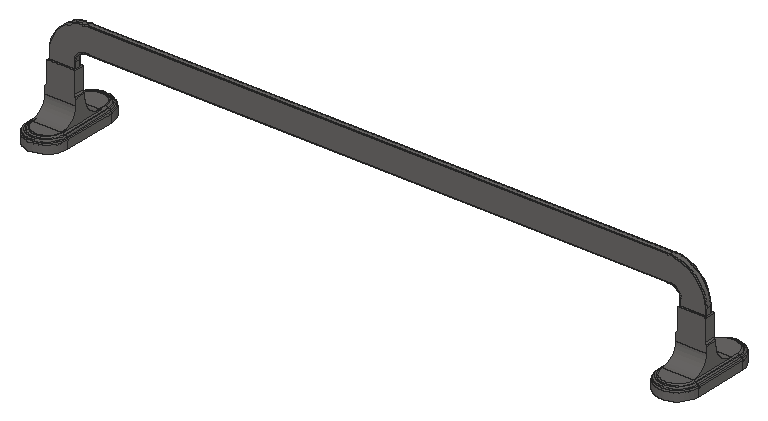
Revit family "Accessory-Towel_Bar-KOHLER-Industrial-K-26534", category Specialty Equipment, host Face, Revit 2021
Family settings
  Host = Face
  Round Connector Dimension = Use Diameter
  Part Type = Normal
  OmniClass Number = 23.31.25.25
  OmniClass Title = Towel Bars
  Cut with Voids When Loaded = No
  Shared = No
  Room Calculation Point = No
Parameters (values of type "2BZ-Oil Rubbed Bronze")
  Width = 3 241/256"  # constant formula
  WaterSense Certified = 1 = 0  # no
  URL = "https://www.us.kohler.com/us/"
  Type = 1
  Product Page URL = "http://www.us.kohler.com/us/catalog/productDetails.jsp?productId=26534"
  Product Name = "Industrial"  # constant formula
  Product Documentation Link = "https://www.us.kohler.com/webassets/kpna/catalog/pdf/en/K-26534_spec_US-CA_Kohler_en.pdf"
  Model = if(Type = 1, "K-26534-2BZ", if(Type = 2, "K-26534-BN", if(Type = 3, "K-26534-CP", "NA")))  # "K-26534-2BZ"
  Material = "Premium Metal Construction"  # constant formula
  Master Format 2014 Name = "Toilet, Bath, and Laundry Accessories"  # constant formula
  Master Format 2014 = "10 28 00"  # constant formula
  Manufacturer Address = "444 Highland Dr, Kohler, WI 53044"  # constant formula
  Manufacturer = "Kohler Co."  # constant formula
  Length = 25.57874"  # constant formula
  Height = 3 85/128"  # constant formula
  Finish = Kohler-Metal-2BZ-Oil_Rubbed_Bronze
  Environmental Product Declaration = ""
  Description = "24Inch towel bar"  # constant formula
  Default Elevation = 42"
  Declare Label = ""
  Date Modified = "01/02/2023"  # constant formula
  Date Created = "01/02/2023"  # constant formula
  Copyright = "Copyright Kohler Co."  # constant formula
  Contact Us = "https://www.us.kohler.com/us/static/contact.jsp"
  Assembly Code = "C1030200"
  ADA Compliant = 1 = 0  # no
Types (4): name | Type | Model | Finish
  (no name) | 1 | "K-26534-2BZ" | Kohler-Metal-2BZ-Oil_Rubbed_Bronze
  2BZ-Oil Rubbed Bronze | 1 | "K-26534-2BZ" | Kohler-Metal-2BZ-Oil_Rubbed_Bronze
  BN-Vibrant Brushed Nickel | 2 | "K-26534-BN" | Kohler-Metal-BN-Vibrant_Brushed_Nickel
  CP-Polished Chrome | 3 | "K-26534-CP" | Kohler-Metal-CP-Polished_Chrome
Reference planes (in)
  plane 1 "Center (Front/Back)": y = 0
  plane 2: z = 0
  plane 3 "Center (Left/Right)": x = 0
  plane 4: x = -12.78937
  plane 5: x = -11.21063
  plane 6: x = 12.78937
  plane 7: y = 0.11811
  plane 8: y = -0.11811
  plane 9: z = 2.95715
  plane 10: z = 3.94141
  plane 11: y = 2.0369
  plane 12: y = -1.62716
  plane 13: x = -12
  plane 14: x = 12
  plane 15: x = 11.21063
Dimensions and locks (in)
  plane 4 to plane 5 = 1.57874"
  plane 7 to plane 8 = 0.23622"
  plane 10 to level = 3 241/256"
  plane 10 to plane 9 = 0.98425"
  "Height": plane 11 to plane 12
  "Width": level to plane 10
  plane 13 to plane 14 = 24"
  "Length": plane 4 to plane 6
  aligned and locked: plane 2 to host face
  aligned and locked: level to host face
  aligned and locked: plane 3 "Center (Left/Right)" to nested 1
  aligned and locked: plane 1 "Center (Front/Back)" to nested 1
Automatic sketch dimensions
  host sketch curve to host sketch curve = 96"  (x2)
Nested families (in)
  nested 1: "K-26534" at (0, 0, 0), type "K-26534"
Definition of nested family "K-26534"
  Parameters (values of type "K-26534")
    Material = none
    Default Elevation = 0"
  Reference planes (in)
    plane 1 "Center (Front/Back)": y = 0
    plane 2: z = 0
    plane 3 "Center (Left/Right)": x = 0
    plane 4: x = -12.78937
    plane 5: x = 12.78937
    plane 6: x = -11.21063
    plane 7: x = 11.21063
    plane 8: y = -0.11811
    plane 9: y = 0.11811
    plane 10: x = -9
    plane 11: x = 9
    plane 12: z = 3.94094
    plane 13: z = 2.95669
    plane 14: y = 2.0369
    plane 15: y = -1.62809
    plane 16: x = -12
    plane 17: x = 12
  Forms (in)
    Sweep 1, solid, material <- "Material", detail levels medium+fine
      path origin (0, 0, 0) x (1, 0, 0) y (0, 1, 0)
        loop
          line (-12.78937, 1.25143) -> (-12.78937, -0.83661)
          arc (-12.78937, -0.83661) -> (-12, -1.62598) -> (-11.21063, -0.83661) r 0.78937
          line (-11.21063, -0.83661) -> (-11.21063, 1.25143)
          arc (-11.21063, 1.25143) -> (-12, 2.0408) -> (-12.78937, 1.25143) r 0.78937
      profile origin (-11.21063, -0.83661, 0) x (-1, 0, 0) y (0, 0, 1)
        loop
          line (0, 0.30674) -> (0, 0) -> (0.24274, 0) -> (0.24274, 0.48854) -> (0.19914, 0.48854)
          arc (0.19914, 0.48854) -> (0.17455, 0.46857) -> (0.15303, 0.44532) r 0.22303
          arc (0.15303, 0.44532) -> (0.12799, 0.42735) -> (0.09727, 0.425) r 0.05716
          arc (0.09727, 0.425) -> (0.06244, 0.41536) -> (0.04943, 0.38165) r 0.04018
          arc (0.04943, 0.38165) -> (0.04434, 0.35985) -> (0.02701, 0.34568) r 0.03477
          arc (0.02701, 0.34568) -> (0.00741, 0.33043) -> (0, 0.30674) r 0.04157
    Sweep 2, solid, material <- "Material", detail levels medium+fine
      path origin (3, 0, 0) x (-1, 0, 0) y (0, -1, 0)
        loop
          arc (-9.78937, -1.25143) -> (-9, -2.0408) -> (-8.21063, -1.25143) r 0.78937
          line (-8.21063, -1.25143) -> (-8.21063, 0.83661)
          arc (-8.21063, 0.83661) -> (-9, 1.62598) -> (-9.78937, 0.83661) r 0.78937
          line (-9.78937, 0.83661) -> (-9.78937, -1.25143)
      profile origin (11.21063, -0.83661, 0) x (-1, 0, 0) y (0, 0, 1)
        loop
          arc (0, 0.30674) -> (-0.00741, 0.33043) -> (-0.02701, 0.34568) r 0.04157
          arc (-0.02701, 0.34568) -> (-0.04434, 0.35985) -> (-0.04943, 0.38165) r 0.03477
          arc (-0.04943, 0.38165) -> (-0.06244, 0.41536) -> (-0.09727, 0.425) r 0.04018
          arc (-0.09727, 0.425) -> (-0.12799, 0.42735) -> (-0.15303, 0.44532) r 0.05716
          arc (-0.15303, 0.44532) -> (-0.17455, 0.46857) -> (-0.19914, 0.48854) r 0.22303
          line (-0.19914, 0.48854) -> (-0.24274, 0.48854) -> (-0.24274, 0) -> (0, 0) -> (0, 0.30674)
    Extrusion 3, solid, material <- "Material", detail levels medium+fine
      sketch origin (0, 0, 0) x (1, 0, 0) y (0, 1, 0)
        loop
          arc (-11.45337, 1.25143) -> (-12, 1.79806) -> (-12.54663, 1.25143) r 0.54663
          line (-12.54663, 1.25143) -> (-12.54663, -0.83661)
          arc (-12.54663, -0.83661) -> (-12, -1.38324) -> (-11.45337, -0.83661) r 0.54663
          line (-11.45337, -0.83661) -> (-11.45337, 1.25143)
        loop
          line (11.45337, 1.25143) -> (11.45337, -0.83661)
          arc (11.45337, -0.83661) -> (12, -1.38324) -> (12.54663, -0.83661) r 0.54663
          line (12.54663, -0.83661) -> (12.54663, 1.25143)
          arc (12.54663, 1.25143) -> (12, 1.79806) -> (11.45337, 1.25143) r 0.54663
      from 0 to 0.48854
    Extrusion 4, solid, material <- "Material", detail levels medium+fine
      sketch origin (0, 0, 0) x (1, 0, 0) y (0, 0, 1)
        loop
          line (-11.97187, 2.32506) -> (-12.49078, 2.32506)
          arc (-12.49078, 2.32506) -> (-12.5197, 2.31308) -> (-12.53167, 2.28416) r 0.0409
          line (-12.53167, 2.28416) -> (-12.53167, 1.49676)
          arc (-12.53167, 1.49676) -> (-12.54217, 1.44915) -> (-12.57171, 1.41036) r 0.11323
          arc (-12.57171, 1.41036) -> (-12.58798, 1.38901) -> (-12.59376, 1.3628) r 0.06234
          line (-12.59376, 1.3628) -> (-12.59376, 0.22515) -> (-12.04016, 0.22515) -> (-11.40624, 0.22515) -> (-11.40624, 1.3628)
          arc (-11.40624, 1.3628) -> (-11.41202, 1.38901) -> (-11.42829, 1.41036) r 0.06234
          arc (-11.42829, 1.41036) -> (-11.45783, 1.44915) -> (-11.46833, 1.49676) r 0.11323
          line (-11.46833, 1.49676) -> (-11.46833, 2.28416)
          arc (-11.46833, 2.28416) -> (-11.4803, 2.31308) -> (-11.50922, 2.32506) r 0.0409
          line (-11.50922, 2.32506) -> (-11.97187, 2.32506)
      from -0.19001 to 0.18557
    Extrusion 5, solid, material <- "Material", detail levels medium+fine
      sketch origin (0, 0, 0) x (-1, 0, 0) y (0, 0, -1)
        loop
          line (-11.97187, -2.32506) -> (-11.50922, -2.32506)
          arc (-11.50922, -2.32506) -> (-11.4803, -2.31308) -> (-11.46833, -2.28416) r 0.0409
          line (-11.46833, -2.28416) -> (-11.46833, -1.49676)
          arc (-11.46833, -1.49676) -> (-11.45783, -1.44915) -> (-11.42829, -1.41036) r 0.11323
          arc (-11.42829, -1.41036) -> (-11.41202, -1.38901) -> (-11.40624, -1.3628) r 0.06234
          line (-11.40624, -1.3628) -> (-11.40624, -0.22515) -> (-12.04016, -0.22515) -> (-12.59376, -0.22515) -> (-12.59376, -1.3628)
          arc (-12.59376, -1.3628) -> (-12.58798, -1.38901) -> (-12.57171, -1.41036) r 0.06234
          arc (-12.57171, -1.41036) -> (-12.54217, -1.44915) -> (-12.53167, -1.49676) r 0.11323
          line (-12.53167, -1.49676) -> (-12.53167, -2.28416)
          arc (-12.53167, -2.28416) -> (-12.5197, -2.31308) -> (-12.49078, -2.32506) r 0.0409
          line (-12.49078, -2.32506) -> (-11.97187, -2.32506)
      from -0.19001 to 0.18557
    Extrusion 6, solid, material <- "Material", detail levels medium+fine
      sketch origin (0, 0, 0) x (0, 1, 0) y (0, 0, 1)
        loop
          line (-0.18557, 0.48854) -> (-0.18557, 1.11807)
          arc (-0.18557, 1.11807) -> (-0.36996, 0.67292) -> (-0.81511, 0.48854) r 0.62953
          line (-0.81511, 0.48854) -> (-0.18557, 0.48854)
      from 11.40977 to 12.59023
    Extrusion 7, solid, material <- "Material", detail levels medium+fine
      sketch origin (0, 0, 0) x (0, 1, 0) y (0, 0, -1)
        loop
          line (-0.18557, -0.48854) -> (-0.81511, -0.48854)
          arc (-0.81511, -0.48854) -> (-0.36996, -0.67292) -> (-0.18557, -1.11807) r 0.62953
          line (-0.18557, -1.11807) -> (-0.18557, -0.48854)
      from 11.40977 to 12.59023
    Extrusion 8, solid, material <- "Material", detail levels medium+fine
      sketch origin (0, 0, 0) x (0, 1, 0) y (0, 0, 1)
        loop
          line (0.19001, 0.48854) -> (0.97741, 0.48854)
          arc (0.97741, 0.48854) -> (0.42063, 0.71916) -> (0.19001, 1.27594) r 0.7874
          line (0.19001, 1.27594) -> (0.19001, 0.48854)
      from 11.40977 to 12.59023
    Extrusion 9, solid, material <- "Material", detail levels medium+fine
      sketch origin (0, 0, 0) x (0, 1, 0) y (0, 0, -1)
        loop
          line (0.19001, -0.48854) -> (0.19001, -1.27594)
          arc (0.19001, -1.27594) -> (0.42063, -0.71916) -> (0.97741, -0.48854) r 0.7874
          line (0.97741, -0.48854) -> (0.19001, -0.48854)
      from 11.40977 to 12.59023
    Extrusion 10, solid, material <- "Material", detail levels coarse
      sketch origin (0, 0, 0) x (1, 0, 0) y (0, 1, 0)
        loop
          line (-11.16757, -0.83661) -> (-11.16757, 1.25143)
          arc (-11.16757, 1.25143) -> (-12.00308, 2.08694) -> (-12.83858, 1.25143) r 0.83551
          line (-12.83858, 1.25143) -> (-12.83858, -0.83661)
          arc (-12.83858, -0.83661) -> (-12.00308, -1.67212) -> (-11.16757, -0.83661) r 0.83551
      from 0 to 0.51565
    Extrusion 11, solid, material <- "Material", detail levels coarse
      sketch origin (0, 0, 0) x (1, 0, 0) y (0, 0, 1)
        loop
          line (-12.66308, 2.41081) -> (-12.66308, 0.45799) -> (-11.34923, 0.45799) -> (-11.34923, 2.41081) -> (-12.66308, 2.41081)
      from -0.87624 to 0.79136
    Extrusion 12, solid, material <- "Material", detail levels coarse
      sketch origin (0, 0, 0) x (1, 0, 0) y (0, 0, 1)
        loop
          line (-11.40415, 2.3616) -> (-11.40415, 2.63741)
          arc (-11.40415, 2.63741) -> (-11.32505, 2.82838) -> (-11.13408, 2.90748) r 0.27007
          line (-11.13408, 2.90748) -> (-0.05586, 2.90748) -> (11.13408, 2.90748)
          arc (11.13408, 2.90748) -> (11.32505, 2.82838) -> (11.40415, 2.63741) r 0.27007
          line (11.40415, 2.63741) -> (11.40415, 2.3616) -> (12.59585, 2.3616) -> (12.59585, 2.49262)
          arc (12.59585, 2.49262) -> (12.15723, 3.55154) -> (11.09832, 3.99016) r 1.49753
          line (11.09832, 3.99016) -> (-0.02833, 3.99016) -> (-11.09832, 3.99016)
          arc (-11.09832, 3.99016) -> (-12.15723, 3.55154) -> (-12.59585, 2.49262) r 1.49753
          line (-12.59585, 2.49262) -> (-12.59585, 2.3616) -> (-11.40415, 2.3616)
      from -0.22731 to 0.21999
    Sweep 13, solid, material <- "Material", detail levels medium+fine
      path origin (0, 0, 0) x (1, 0, 0) y (0, 0, 1)
        loop
          line (-11.50704, 2.32506) -> (-11.50704, 2.56299)
          arc (-11.50704, 2.56299) -> (-11.39173, 2.84138) -> (-11.11334, 2.95669) r 0.3937
          line (-11.11334, 2.95669) -> (11.11334, 2.95669)
          arc (11.11334, 2.95669) -> (11.39173, 2.84138) -> (11.50704, 2.56299) r 0.3937
          line (11.50704, 2.56299) -> (11.50704, 2.32506)
      profile origin (0, 0, 2.95669) x (0, 0, 1) y (0, -1, 0)
        loop
          line (0, 0.09685) -> (0, -0.09685)
          arc (0, -0.09685) -> (0.00623, -0.11188) -> (0.02126, -0.11811) r 0.02126
          line (0.02126, -0.11811) -> (0.96296, -0.11811)
          arc (0.96296, -0.11811) -> (0.97801, -0.11187) -> (0.98425, -0.09681) r 0.0213
          line (0.98425, -0.09681) -> (0.98425, 0.09685)
          arc (0.98425, 0.09685) -> (0.97803, 0.11188) -> (0.96299, 0.11811) r 0.02126
          line (0.96299, 0.11811) -> (0.02126, 0.11811)
          arc (0.02126, 0.11811) -> (0.00623, 0.11188) -> (0, 0.09685) r 0.02126
    Extrusion 14, solid, material <- "Material", detail levels coarse
      sketch origin (0, 0, 0) x (-1, 0, 0) y (0, -1, 0)
        loop
          arc (-11.16757, 0.83661) -> (-12.00308, 1.67212) -> (-12.83858, 0.83661) r 0.83551
          line (-12.83858, 0.83661) -> (-12.83858, -1.25143)
          arc (-12.83858, -1.25143) -> (-12.00308, -2.08694) -> (-11.16757, -1.25143) r 0.83551
          line (-11.16757, -1.25143) -> (-11.16757, 0.83661)
      from 0 to 0.51565
    Extrusion 15, solid, material <- "Material", detail levels coarse
      sketch origin (0, 0, 0) x (-1, 0, 0) y (0, 0, -1)
        loop
          line (-12.66308, -2.41081) -> (-11.34923, -2.41081) -> (-11.34923, -0.45799) -> (-12.66308, -0.45799) -> (-12.66308, -2.41081)
      from -0.87624 to 0.79136
  Cuts and joins
    joined: Sweep 2, Extrusion 3, Extrusion 4, Extrusion 5, Extrusion 6, Extrusion 7, Extrusion 8, Extrusion 9
    joined: Extrusion 10, Extrusion 11, Extrusion 12
  Lines and regions (in)
    Masking region 1
      outline origin (0, 0, 0) x (1, 0, 0) y (0, 0, 1)
        loop
          line (-12.78937, 0) -> (-12, 0) -> (-11.21063, 0) -> (-11.21063, 0.2989)
          arc (-11.21063, 0.2989) -> (-11.21943, 0.32856) -> (-11.24299, 0.34862) r 0.05438
          arc (-11.24299, 0.34862) -> (-11.25988, 0.36325) -> (-11.26568, 0.38484) r 0.03815
          arc (-11.26568, 0.38484) -> (-11.27621, 0.41301) -> (-11.30358, 0.42549) r 0.0393
          line (-11.30358, 0.42549) -> (-11.33518, 0.42549)
          arc (-11.33518, 0.42549) -> (-11.35816, 0.43501) -> (-11.36768, 0.45799) r 0.0325
          line (-11.36768, 0.45799) -> (-11.36768, 1.30247)
          arc (-11.36768, 1.30247) -> (-11.37763, 1.33994) -> (-11.40484, 1.36754) r 0.07554
          arc (-11.40484, 1.36754) -> (-11.44535, 1.41402) -> (-11.44997, 1.4755) r 0.09772
          line (-11.44997, 1.4755) -> (-11.44997, 2.36961)
          arc (-11.44997, 2.36961) -> (-11.46039, 2.39712) -> (-11.48643, 2.41081) r 0.0415
          arc (-11.48643, 2.41081) -> (-11.50286, 2.42009) -> (-11.50791, 2.43826) r 0.02465
          arc (-11.50791, 2.43826) -> (-11.50197, 2.52389) -> (-11.49471, 2.60942) r 5.56738
          arc (-11.49471, 2.60942) -> (-11.4652, 2.73186) -> (-11.40209, 2.84085) r 0.43826
          arc (-11.40209, 2.84085) -> (-11.36726, 2.87437) -> (-11.32472, 2.89734) r 0.1789
          arc (-11.32472, 2.89734) -> (-11.16414, 2.94173) -> (-10.9982, 2.95669) r 0.9278
          line (-10.9982, 2.95669) -> (-0.26888, 2.95669) -> (10.9982, 2.95669)
          arc (10.9982, 2.95669) -> (11.16414, 2.94173) -> (11.32472, 2.89734) r 0.9278
          arc (11.32472, 2.89734) -> (11.36726, 2.87437) -> (11.40209, 2.84085) r 0.1789
          arc (11.40209, 2.84085) -> (11.4652, 2.73186) -> (11.49471, 2.60942) r 0.43826
          arc (11.49471, 2.60942) -> (11.50197, 2.52389) -> (11.50791, 2.43826) r 5.56738
          arc (11.50791, 2.43826) -> (11.50286, 2.42009) -> (11.48643, 2.41081) r 0.02465
          arc (11.48643, 2.41081) -> (11.46039, 2.39712) -> (11.44997, 2.36961) r 0.0415
          line (11.44997, 2.36961) -> (11.44997, 1.4755)
          arc (11.44997, 1.4755) -> (11.44535, 1.41402) -> (11.40484, 1.36754) r 0.09772
          arc (11.40484, 1.36754) -> (11.37763, 1.33994) -> (11.36768, 1.30247) r 0.07554
          line (11.36768, 1.30247) -> (11.36768, 0.45799)
          arc (11.36768, 0.45799) -> (11.35816, 0.43501) -> (11.33518, 0.42549) r 0.0325
          line (11.33518, 0.42549) -> (11.30358, 0.42549)
          arc (11.30358, 0.42549) -> (11.27621, 0.41301) -> (11.26568, 0.38484) r 0.0393
          arc (11.26568, 0.38484) -> (11.25988, 0.36325) -> (11.24299, 0.34862) r 0.03815
          arc (11.24299, 0.34862) -> (11.21943, 0.32856) -> (11.21063, 0.2989) r 0.05438
          line (11.21063, 0.2989) -> (11.21063, 0) -> (12, 0) -> (12.78937, 0) -> (12.78937, 0.2989)
          arc (12.78937, 0.2989) -> (12.78057, 0.32856) -> (12.75701, 0.34862) r 0.05438
          arc (12.75701, 0.34862) -> (12.74012, 0.36325) -> (12.73432, 0.38484) r 0.03815
          arc (12.73432, 0.38484) -> (12.72379, 0.41301) -> (12.69642, 0.42549) r 0.0393
          line (12.69642, 0.42549) -> (12.66482, 0.42549)
          arc (12.66482, 0.42549) -> (12.64184, 0.43501) -> (12.63232, 0.45799) r 0.0325
          line (12.63232, 0.45799) -> (12.63232, 1.30247)
          arc (12.63232, 1.30247) -> (12.62237, 1.33994) -> (12.59516, 1.36754) r 0.07554
          arc (12.59516, 1.36754) -> (12.55465, 1.41402) -> (12.55003, 1.4755) r 0.09772
          line (12.55003, 1.4755) -> (12.55003, 2.36961)
          arc (12.55003, 2.36961) -> (12.53961, 2.39712) -> (12.51357, 2.41081) r 0.0415
          arc (12.51357, 2.41081) -> (12.49743, 2.41973) -> (12.492, 2.43736) r 0.02465
          arc (12.492, 2.43736) -> (12.16497, 3.45645) -> (11.21063, 3.94094) r 1.38981
          line (11.21063, 3.94094) -> (-0.2439, 3.94094) -> (-11.21063, 3.94094)
          arc (-11.21063, 3.94094) -> (-12.16497, 3.45645) -> (-12.492, 2.43736) r 1.38981
          arc (-12.492, 2.43736) -> (-12.49743, 2.41973) -> (-12.51357, 2.41081) r 0.02465
          arc (-12.51357, 2.41081) -> (-12.53961, 2.39712) -> (-12.55003, 2.36961) r 0.0415
          line (-12.55003, 2.36961) -> (-12.55003, 1.4755)
          arc (-12.55003, 1.4755) -> (-12.55465, 1.41402) -> (-12.59516, 1.36754) r 0.09772
          arc (-12.59516, 1.36754) -> (-12.62237, 1.33994) -> (-12.63232, 1.30247) r 0.07554
          line (-12.63232, 1.30247) -> (-12.63232, 0.45799)
          arc (-12.63232, 0.45799) -> (-12.64184, 0.43501) -> (-12.66482, 0.42549) r 0.0325
          line (-12.66482, 0.42549) -> (-12.69642, 0.42549)
          arc (-12.69642, 0.42549) -> (-12.72379, 0.41301) -> (-12.73432, 0.38484) r 0.0393
          arc (-12.73432, 0.38484) -> (-12.74012, 0.36325) -> (-12.75701, 0.34862) r 0.03815
          arc (-12.75701, 0.34862) -> (-12.78057, 0.32856) -> (-12.78937, 0.2989) r 0.05438
          line (-12.78937, 0.2989) -> (-12.78937, 0)
    Masking region 2
      outline origin (0, 0, 0) x (1, 0, 0) y (0, 1, 0)
        loop
          line (-12.78937, 1.25143) -> (-12.78937, -0.83661)
          arc (-12.78937, -0.83661) -> (-12, -1.62598) -> (-11.21063, -0.83661) r 0.78937
          line (-11.21063, -0.83661) -> (-11.21063, -0.11811) -> (11.21063, -0.11811) -> (11.21063, -0.83661)
          arc (11.21063, -0.83661) -> (12, -1.62598) -> (12.78937, -0.83661) r 0.78937
          line (12.78937, -0.83661) -> (12.78937, 1.25143)
          arc (12.78937, 1.25143) -> (12, 2.0408) -> (11.21063, 1.25143) r 0.78937
          line (11.21063, 1.25143) -> (11.21063, 0.11811) -> (-11.21063, 0.11811) -> (-11.21063, 1.25143)
          arc (-11.21063, 1.25143) -> (-12, 2.0408) -> (-12.78937, 1.25143) r 0.78937
    Masking region 3
      outline origin (0, 0, 0) x (0, 1, 0) y (0, 0, 1)
        loop
          line (0.01418, 3.94094) -> (-0.06292, 3.94094)
          arc (-0.06292, 3.94094) -> (-0.10195, 3.92478) -> (-0.11811, 3.88576) r 0.05519
          line (-0.11811, 3.88576) -> (-0.11811, 2.43076)
          arc (-0.11811, 2.43076) -> (-0.12388, 2.41684) -> (-0.1378, 2.41108) r 0.01969
          arc (-0.1378, 2.41108) -> (-0.17403, 2.40055) -> (-0.18974, 2.36624) r 0.04532
          line (-0.18974, 2.36624) -> (-0.18974, 1.31244)
          arc (-0.18974, 1.31244) -> (-0.20973, 1.07881) -> (-0.26911, 0.85196) r 1.37542
          arc (-0.26911, 0.85196) -> (-0.44689, 0.60394) -> (-0.72939, 0.48854) r 0.5511
          line (-0.72939, 0.48854) -> (-1.41603, 0.48854)
          arc (-1.41603, 0.48854) -> (-1.44207, 0.48061) -> (-1.45929, 0.45953) r 0.04676
          arc (-1.45929, 0.45953) -> (-1.48224, 0.4326) -> (-1.51667, 0.42446) r 0.05685
          arc (-1.51667, 0.42446) -> (-1.55906, 0.41096) -> (-1.57948, 0.37144) r 0.05812
          arc (-1.57948, 0.37144) -> (-1.58582, 0.35454) -> (-1.60005, 0.34345) r 0.03325
          arc (-1.60005, 0.34345) -> (-1.62043, 0.32686) -> (-1.62809, 0.30172) r 0.04507
          line (-1.62809, 0.30172) -> (-1.62809, 0) -> (2.0369, 0) -> (2.0369, 0.31743)
          arc (2.0369, 0.31743) -> (2.03128, 0.33405) -> (2.01672, 0.34384) r 0.02736
          arc (2.01672, 0.34384) -> (1.99758, 0.35743) -> (1.9918, 0.38017) r 0.03403
          arc (1.9918, 0.38017) -> (1.98148, 0.41176) -> (1.95112, 0.42526) r 0.04089
          line (1.95112, 0.42526) -> (1.91146, 0.42526)
          arc (1.91146, 0.42526) -> (1.8875, 0.43393) -> (1.87463, 0.45591) r 0.03746
          arc (1.87463, 0.45591) -> (1.86141, 0.47849) -> (1.83682, 0.48738) r 0.03845
          line (1.83682, 0.48738) -> (1.23017, 0.48738)
          arc (1.23017, 0.48738) -> (1.0451, 0.49644) -> (0.86188, 0.52404) r 1.84268
          arc (0.86188, 0.52404) -> (0.68267, 0.5763) -> (0.5147, 0.65775) r 1.11386
          arc (0.5147, 0.65775) -> (0.38113, 0.76576) -> (0.28392, 0.90738) r 0.59596
          arc (0.28392, 0.90738) -> (0.21359, 1.10451) -> (0.18974, 1.31244) r 0.91811
          line (0.18974, 1.31244) -> (0.18974, 2.36624)
          arc (0.18974, 2.36624) -> (0.17403, 2.40055) -> (0.1378, 2.41108) r 0.04532
          arc (0.1378, 2.41108) -> (0.12388, 2.41684) -> (0.11811, 2.43076) r 0.01969
          line (0.11811, 2.43076) -> (0.11811, 3.88576)
          arc (0.11811, 3.88576) -> (0.10195, 3.92478) -> (0.06292, 3.94094) r 0.05519
          line (0.06292, 3.94094) -> (0.01418, 3.94094)
    symbolic lines, detail levels medium+fine
      curve 1: arc (-12.59023, 1.25143, 0) -> (-12, 1.84166, 0) -> (-11.40977, 1.25143, 0) r 0.59023
      curve 2: line (-12.59376, 1.25143, 0) -> (-12.59376, -0.83661, 0)
      curve 3: line (-11.40624, -0.83661, 0) -> (-11.40624, -0.11811, 0)
      curve 4: arc (-11.40977, -0.83661, 0) -> (-12, -1.42684, 0) -> (-12.59023, -0.83661, 0) r 0.59023
      curve 5: line (-12.73597, 1.25143, 0) -> (-12.73597, -0.86565, 0)
      curve 6: line (-11.26403, 1.25143, 0) -> (-11.26403, 0.11811, 0)
      curve 7: arc (-11.26403, 1.25143, 0) -> (-12, 1.9874, 0) -> (-12.73597, 1.25143, 0) r 0.73597
      curve 8: arc (-12.73597, -0.86565, 0) -> (-12, -1.60162, 0) -> (-11.26403, -0.86565, 0) r 0.73597
      curve 9: line (-11.40624, 0.19001, 0) -> (-12.59376, 0.19001, 0)
      curve 10: line (-12.59376, -0.18557, 0) -> (-11.40624, -0.18557, 0)
      curve 11: line (-12.48092, 0.19001, 0) -> (-12.48092, -0.18557, 0)
      curve 12: line (-11.51908, 0.19001, 0) -> (-11.51908, 0.11811, 0)
      curve 13: line (12.48092, 0.11811, 0) -> (-12.48092, 0.11811, 0)
      curve 14: line (-12.48092, -0.11811, 0) -> (12.48092, -0.11811, 0)
      curve 15: line (-11.51908, -0.11811, 0) -> (-11.51908, -0.18557, 0)
      curve 16: line (12.48092, -0.18557, 0) -> (12.48092, 0.19001, 0)
      curve 17: line (12.59376, 0.19001, 0) -> (11.40624, 0.19001, 0)
      curve 18: line (11.40624, -0.18557, 0) -> (12.59376, -0.18557, 0)
      curve 19: line (11.51908, -0.18557, 0) -> (11.51908, -0.11811, 0)
      curve 20: line (11.51908, 0.11811, 0) -> (11.51908, 0.19001, 0)
      curve 21: line (-11.40624, 0.11811, 0) -> (-11.40624, 1.25143, 0)
      curve 22: line (-11.26403, -0.11811, 0) -> (-11.26403, -0.86565, 0)
      curve 23: arc (12.59023, 1.25143, 0) -> (12, 1.84166, 0) -> (11.40977, 1.25143, 0) r 0.59023
      curve 24: line (12.59376, 1.25143, 0) -> (12.59376, -0.83661, 0)
      curve 25: line (11.40624, -0.83661, 0) -> (11.40624, -0.11811, 0)
      curve 26: arc (11.40977, -0.83661, 0) -> (12, -1.42684, 0) -> (12.59023, -0.83661, 0) r 0.59023
      curve 27: line (12.73597, 1.25143, 0) -> (12.73597, -0.86565, 0)
      curve 28: line (11.26403, 1.25143, 0) -> (11.26403, 0.11811, 0)
      curve 29: arc (11.26403, 1.25143, 0) -> (12, 1.9874, 0) -> (12.73597, 1.25143, 0) r 0.73597
      curve 30: arc (12.73597, -0.86565, 0) -> (12, -1.60162, 0) -> (11.26403, -0.86565, 0) r 0.73597
      curve 31: line (11.40624, 0.11811, 0) -> (11.40624, 1.25143, 0)
      curve 32: line (11.26403, -0.11811, 0) -> (11.26403, -0.86565, 0)
      curve 33: line (-12.48092, 0.0904, 0) -> (12.48092, 0.0904, 0)
      curve 34: line (-12.48092, -0.0904, 0) -> (12.48092, -0.0904, 0)
      curve 35: line (-12.45064, 0.0904, 0) -> (-12.45064, -0.0904, 0)
      curve 36: line (12.45064, 0.0904, 0) -> (12.45064, -0.0904, 0)
      curve 37: line (-12.72171, 0, 0.38484) -> (-11.27829, 0, 0.38484)
      curve 38: line (-12.49299, 0, 2.41081) -> (-11.50684, 0, 2.41081)
      curve 39: line (-12.5333, 0, 2.36961) -> (-11.4667, 0, 2.36961)
      curve 40: line (-12.62085, 0, 0.45799) -> (-11.37915, 0, 0.45799)
      curve 41: line (-12.73859, 0, 0.34862) -> (-11.26141, 0, 0.34862)
      curve 42: line (-12.77081, 0, 0.30845) -> (-12.77081, 0, 0)
      curve 43: arc (-12.74822, 0, 0.34289) -> (-12.72843, 0, 0.35989) -> (-12.72172, 0, 0.3851) r 0.04411
      curve 44: line (-12.69121, 0, 0.41684) -> (-12.65472, 0, 0.41684)
      curve 45: arc (-12.65472, 0, 0.41684) -> (-12.62807, 0, 0.42942) -> (-12.62085, 0, 0.45799) r 0.03452
      curve 46: arc (-12.72172, 0, 0.3851) -> (-12.71322, 0, 0.40747) -> (-12.69121, 0, 0.41684) r 0.03053
      curve 47: line (-12.62085, 0, 0.45799) -> (-12.62085, 0, 1.29938)
      curve 48: arc (-12.62085, 0, 1.29938) -> (-12.61148, 0, 1.33355) -> (-12.586, 0, 1.35817) r 0.06702
      curve 49: arc (-12.586, 0, 1.35817) -> (-12.54077, 0, 1.40706) -> (-12.53412, 0, 1.47334) r 0.10481
      curve 50: line (-12.53412, 0, 1.47334) -> (-12.53412, 0, 2.36057)
      curve 51: arc (-12.53412, 0, 2.36057) -> (-12.52433, 0, 2.39037) -> (-12.49876, 0, 2.40856) r 0.05024
      curve 52: arc (-11.57442, 0, 3.85486) -> (-12.25436, 0, 3.30231) -> (-12.46862, 0, 2.45277) r 1.38981
      curve 53: arc (-12.46862, 0, 2.45277) -> (-12.47597, 0, 2.4254) -> (-12.49876, 0, 2.40856) r 0.04298
      curve 54: line (0, 0, 3.91634) -> (-11.23821, 0, 3.91634)
      curve 55: arc (-11.23821, 0, 3.91634) -> (-11.4091, 0, 3.90084) -> (-11.57442, 0, 3.85486) r 0.95001
      curve 56: line (-11.22765, 0, 0.30124) -> (-11.22765, 0, 0)
      curve 57: arc (-11.22765, 0, 0.30124) -> (-11.23591, 0, 0.32829) -> (-11.25787, 0, 0.34612) r 0.04844
      curve 58: arc (-11.25787, 0, 0.34612) -> (-11.27329, 0, 0.36289) -> (-11.27828, 0, 0.3851) r 0.04411
      curve 59: line (-11.30879, 0, 0.41684) -> (-11.34528, 0, 0.41684)
      curve 60: arc (-11.34528, 0, 0.41684) -> (-11.37193, 0, 0.42942) -> (-11.37915, 0, 0.45799) r 0.03452
      curve 61: arc (-11.27828, 0, 0.3851) -> (-11.28678, 0, 0.40747) -> (-11.30879, 0, 0.41684) r 0.03053
      curve 62: line (-11.37915, 0, 0.45799) -> (-11.37915, 0, 1.29938)
      curve 63: arc (-11.37915, 0, 1.29938) -> (-11.38852, 0, 1.33355) -> (-11.414, 0, 1.35817) r 0.06702
      curve 64: arc (-11.414, 0, 1.35817) -> (-11.45923, 0, 1.40706) -> (-11.46588, 0, 1.47334) r 0.10481
      curve 65: line (-11.46588, 0, 1.47334) -> (-11.46588, 0, 2.36057)
      curve 66: line (-11.36813, 0, 0.42549) -> (-12.63187, 0, 0.42549)
      curve 67: arc (-11.46588, 0, 2.36057) -> (-11.47777, 0, 2.39303) -> (-11.50783, 0, 2.41012) r 0.05024
      curve 68: arc (-11.50783, 0, 2.41012) -> (-11.51693, 0, 2.42112) -> (-11.51841, 0, 2.43531) r 0.02465
      curve 69: arc (-11.50394, 0, 2.62788) -> (-11.47443, 0, 2.75031) -> (-11.41132, 0, 2.8593) r 0.43826
      curve 70: arc (-11.51841, 0, 2.43531) -> (-11.51201, 0, 2.53166) -> (-11.50394, 0, 2.62788) r 5.56738
      curve 71: arc (-11.33395, 0, 2.91579) -> (-11.17337, 0, 2.96019) -> (-11.00743, 0, 2.97515) r 0.9278
      curve 72: arc (-11.41132, 0, 2.8593) -> (-11.37649, 0, 2.89282) -> (-11.33395, 0, 2.91579) r 0.1789
      curve 73: line (-11.00743, 0, 2.97515) -> (0, 0, 2.97515)
      curve 74: line (-12.78937, 0, 0.02282) -> (-11.21063, 0, 0.02282)
      curve 75: line (12.72171, 0, 0.38484) -> (11.27829, 0, 0.38484)
      curve 76: line (12.49299, 0, 2.41081) -> (11.50633, 0, 2.41081)
      curve 77: line (12.5333, 0, 2.36961) -> (11.4667, 0, 2.36961)
      curve 78: line (12.62085, 0, 0.45799) -> (11.37915, 0, 0.45799)
      curve 79: line (12.73859, 0, 0.34862) -> (11.26141, 0, 0.34862)
      curve 80: line (12.77081, 0, 0.30124) -> (12.77081, 0, 0)
      curve 81: arc (12.77081, 0, 0.30124) -> (12.76386, 0, 0.32624) -> (12.74502, 0, 0.34406) r 0.04844
      curve 82: arc (12.74517, 0, 0.34435) -> (12.72756, 0, 0.36134) -> (12.72172, 0, 0.3851) r 0.04411
      curve 83: line (12.69121, 0, 0.41684) -> (12.65472, 0, 0.41684)
      curve 84: arc (12.65472, 0, 0.41684) -> (12.62807, 0, 0.42942) -> (12.62085, 0, 0.45799) r 0.03452
      curve 85: arc (12.72172, 0, 0.3851) -> (12.71322, 0, 0.40747) -> (12.69121, 0, 0.41684) r 0.03053
      curve 86: line (12.62085, 0, 0.45799) -> (12.62085, 0, 1.29938)
      curve 87: arc (12.62085, 0, 1.29938) -> (12.61148, 0, 1.33355) -> (12.586, 0, 1.35817) r 0.06702
      curve 88: arc (12.586, 0, 1.35817) -> (12.54077, 0, 1.40706) -> (12.53412, 0, 1.47334) r 0.10481
      curve 89: line (12.53412, 0, 1.47334) -> (12.53412, 0, 2.36057)
      curve 90: arc (12.53412, 0, 2.36057) -> (12.52433, 0, 2.39037) -> (12.49876, 0, 2.40856) r 0.05024
      curve 91: arc (11.57442, 0, 3.85486) -> (12.25436, 0, 3.30231) -> (12.46862, 0, 2.45277) r 1.38981
      curve 92: arc (12.46862, 0, 2.45277) -> (12.47597, 0, 2.4254) -> (12.49876, 0, 2.40856) r 0.04298
      curve 93: line (0, 0, 3.91634) -> (8.23821, 0, 3.91634)
      curve 94: line (11.22765, 0, 0.30124) -> (11.22765, 0, 0)
      curve 95: arc (11.22765, 0, 0.30124) -> (11.23591, 0, 0.32829) -> (11.25787, 0, 0.34612) r 0.04844
      curve 96: arc (11.25787, 0, 0.34612) -> (11.27329, 0, 0.36289) -> (11.27828, 0, 0.3851) r 0.04411
      curve 97: line (11.30879, 0, 0.41684) -> (11.34528, 0, 0.41684)
      curve 98: arc (11.34528, 0, 0.41684) -> (11.37193, 0, 0.42942) -> (11.37915, 0, 0.45799) r 0.03452
      curve 99: arc (11.27828, 0, 0.3851) -> (11.28678, 0, 0.40747) -> (11.30879, 0, 0.41684) r 0.03053
      curve 100: line (11.37915, 0, 0.45799) -> (11.37915, 0, 1.29938)
      curve 101: arc (11.37915, 0, 1.29938) -> (11.38852, 0, 1.33355) -> (11.414, 0, 1.35817) r 0.06702
      curve 102: arc (11.414, 0, 1.35817) -> (11.45923, 0, 1.40706) -> (11.46588, 0, 1.47334) r 0.10481
      curve 103: line (11.46588, 0, 1.47334) -> (11.46588, 0, 2.36057)
      curve 104: line (11.36813, 0, 0.42549) -> (12.63187, 0, 0.42549)
      curve 105: arc (11.46588, 0, 2.36057) -> (11.47566, 0, 2.39035) -> (11.50118, 0, 2.40854) r 0.05024
      curve 106: arc (11.50394, 0, 2.62788) -> (11.47443, 0, 2.75031) -> (11.41132, 0, 2.8593) r 0.43826
      curve 107: arc (11.51851, 0, 2.43355) -> (11.51208, 0, 2.53078) -> (11.50394, 0, 2.62788) r 5.56738
      curve 108: arc (11.33395, 0, 2.91579) -> (11.17337, 0, 2.96019) -> (11.00743, 0, 2.97515) r 0.9278
      curve 109: arc (11.41132, 0, 2.8593) -> (11.37649, 0, 2.89282) -> (11.33395, 0, 2.91579) r 0.1789
      curve 110: line (11.00743, 0, 2.97515) -> (0, 0, 2.97515)
      curve 111: line (12.78937, 0, 0.02282) -> (11.21063, 0, 0.02282)
      curve 112: arc (11.50118, 0, 2.40854) -> (11.51415, 0, 2.41806) -> (11.51851, 0, 2.43355) r 0.02472
      curve 113: arc (-12.77081, 0, 0.30845) -> (-12.76466, 0, 0.32904) -> (-12.74822, 0, 0.34289) r 0.03755
      curve 114: line (0, 0.14441, 2.41108) -> (0, -0.14441, 2.41108)
      curve 115: line (0, 0.18974, 2.36624) -> (0, -0.18974, 2.36624)
      curve 116: line (0, 1.23017, 0.48738) -> (0, -0.91645, 0.48738)
      curve 117: line (0, 1.86232, 0.45591) -> (0, -1.43567, 0.45591)
      curve 118: line (0, 0.06292, 3.94094) -> (0, 0.06292, 2.41108)
      curve 119: line (0, -0.06292, 3.94094) -> (0, -0.06292, 2.41108)
      curve 120: line (0, 0.11811, 3.8869) -> (0, -0.11811, 3.8869)
      curve 121: line (0, 0.14441, 2.41108) -> (0, 0.14441, 1.2741)
      curve 122: arc (0, 0.14441, 1.2741) -> (0, 0.37567, 0.71697) -> (0, 0.9335, 0.48738) r 0.78672
      curve 123: line (0, -0.14441, 2.41108) -> (0, -0.14441, 1.2741)
      curve 124: arc (0, -0.14441, 1.2741) -> (0, -0.16396, 1.04965) -> (0, -0.222, 0.83197) r 1.29854
      curve 125: arc (0, -0.222, 0.83197) -> (0, -0.36813, 0.61322) -> (0, -0.59914, 0.48738) r 0.54992
      curve 126: line (0, 2.01773, 0) -> (0, 2.01773, 0.30312)
      curve 127: arc (0, 2.01773, 0.30312) -> (0, 2.01186, 0.32073) -> (0, 1.99662, 0.33131) r 0.02938
      curve 128: arc (0, 1.99662, 0.33131) -> (0, 1.97987, 0.3439) -> (0, 1.97556, 0.36439) r 0.02978
      curve 129: arc (0, 1.86232, 0.45591) -> (0, 1.88142, 0.41931) -> (0, 1.92218, 0.4127) r 0.04609
      curve 130: arc (0, 1.92218, 0.4127) -> (0, 1.96187, 0.40291) -> (0, 1.97556, 0.36439) r 0.04313
      curve 131: arc (0, 1.86232, 0.45591) -> (0, 1.84372, 0.47718) -> (0, 1.81738, 0.48738) r 0.05912
      curve 132: line (0, -1.60569, 0) -> (0, -1.60569, 0.29535)
      curve 133: arc (0, -1.60569, 0.29535) -> (0, -1.59849, 0.31569) -> (0, -1.58008, 0.32695) r 0.03229
      curve 134: arc (0, -1.58008, 0.32695) -> (0, -1.56105, 0.3393) -> (0, -1.55521, 0.36123) r 0.03159
      curve 135: arc (0, -1.55521, 0.36123) -> (0, -1.54574, 0.38687) -> (0, -1.51959, 0.39483) r 0.03074
      curve 136: arc (0, -1.51959, 0.39483) -> (0, -1.47771, 0.40185) -> (0, -1.44901, 0.43315) r 0.06527
      curve 137: arc (0, -1.44901, 0.43315) -> (0, -1.42741, 0.46558) -> (0, -1.39591, 0.48854) r 0.11082
      curve 138: line (-12.586, 0, 1.35817) -> (-11.414, 0, 1.35817)
      curve 139: line (-12.53412, 0, 1.47334) -> (-11.46588, 0, 1.47334)
      curve 140: line (-12.62085, 0, 1.29938) -> (-11.37915, 0, 1.29938)
      curve 141: line (12.586, 0, 1.35817) -> (11.414, 0, 1.35817)
      curve 142: line (12.53412, 0, 1.47334) -> (11.46588, 0, 1.47334)
      curve 143: line (12.62085, 0, 1.29938) -> (11.37915, 0, 1.29938)
  Dimensions and locks (in)
    plane 4 to plane 5 = 25.57874"
    plane 4 to plane 6 = 1.57874"
    plane 8 to plane 9 = 0.23622"
    plane 12 to level = 3.94094"
    plane 12 to plane 13 = 0.98425"
    plane 11 to plane 10 = 18"
    plane 14 to plane 15 = 3.66499"
    plane 3 "Center (Left/Right)" to plane 16 = 12"
    aligned and locked: level to plane 2
